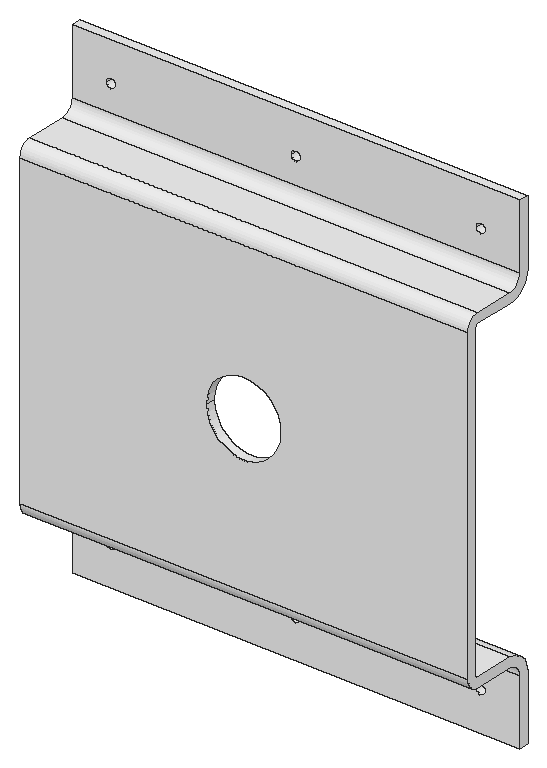
Revit family
Parameters (values of type "R350")
  Width = 9"
  Waste Connection = no
  Warranty Information = "Limited Lifetime"
  Vent Connection = no
  URL = "http://www.americanstandard-us.com/"
  Price = "Prices may vary. Please consult Manufacturer Representative for most up-to-date price list."  # constant formula
  Phone Number = "416-250-5656"  # constant formula
  Omniclass Table 23 Title = "Sanitary Faucets, Wasters"  # constant formula
  Omniclass Table 23 Code = "23.45.55.00"  # constant formula
  Model = "R350"
  Material = Aluminum-American Standard-Rough
  Masterformat Title = "Aluminum Frames"  # constant formula
  Masterformat Number = "08 12 16"  # constant formula
  Manufacturer = "American Standard"
  Length = 9 7/8"
  Installation Type = "In-Wall"
  HW Connection = no
  Description = "Serin wall mount faucet mounting kit"
  Depth = 1 1/2"
  Default Elevation = 0"
  Creation Date = "8/20/2014"  # constant formula
  Created By = "Allied Technical Services"  # constant formula
  CW Connection = no
  Assembly Code = "D2020300"
  ATS URL = "http://www.atsspec.net"
Reference planes (in)
  plane 1 "Center (Front/Back)": y = 0
  plane 2: z = 0
  plane 3 "Center (Left/Right)": x = 0
  plane 4: z = 9.875
  plane 5: x = -4.5
  plane 6: x = 4.5
  plane 7: y = 1.5
  plane 8: z = 4.9375
  plane 9: y = 0.75
  plane 10: z = 9.09375
  plane 11: z = 0.78125
  plane 12: x = -3.71875
  plane 13: x = 3.71875
Forms (in)
  Extrusion 1, solid, material "Aluminum-American Standard-Rough" <- "Material"
    sketch origin (0, 0, 0) x (0, 1, 0) y (0, 0, 1)
      loop
        line (1.5, 9.875) -> (1.3125, 9.875) -> (1.3125, 8.5625)
        arc (1.3125, 8.5625) -> (1.23928, 8.38572) -> (1.0625, 8.3125) r 0.25
        line (1.0625, 8.3125) -> (0.25, 8.3125)
        arc (0.25, 8.3125) -> (0.07322, 8.23928) -> (0, 8.0625) r 0.25
        line (0, 8.0625) -> (0, 1.8125)
        arc (0, 1.8125) -> (0.07322, 1.63572) -> (0.25, 1.5625) r 0.25
        line (0.25, 1.5625) -> (1.0625, 1.5625)
        arc (1.0625, 1.5625) -> (1.23928, 1.48928) -> (1.3125, 1.3125) r 0.25
        line (1.3125, 1.3125) -> (1.3125, 0) -> (1.5, 0) -> (1.5, 1.3125)
        arc (1.5, 1.3125) -> (1.37186, 1.62186) -> (1.0625, 1.75) r 0.4375
        line (1.0625, 1.75) -> (0.25, 1.75)
        arc (0.25, 1.75) -> (0.20581, 1.76831) -> (0.1875, 1.8125) r 0.0625
        line (0.1875, 1.8125) -> (0.1875, 8.0625)
        arc (0.1875, 8.0625) -> (0.20581, 8.10669) -> (0.25, 8.125) r 0.0625
        line (0.25, 8.125) -> (1.0625, 8.125)
        arc (1.0625, 8.125) -> (1.37186, 8.25314) -> (1.5, 8.5625) r 0.4375
        line (1.5, 8.5625) -> (1.5, 9.875)
    from -4.5 to 4.5
  Extrusion 2, void
    sketch origin (0, 0, 0) x (1, 0, 0) y (0, 0, 1)
      loop
        circle (-3.71875, 9.09375) r 0.09375
      loop
        circle (0, 9.09375) r 0.09375
      loop
        circle (3.71875, 9.09375) r 0.09375
      loop
        circle (-3.71875, 0.78125) r 0.09375
      loop
        circle (0, 0.78125) r 0.09375
      loop
        circle (3.71875, 0.78125) r 0.09375
      loop
        circle (0, 4.9375) r 0.75
    from -1.5 to 0
Cuts and joins
  Extrusion 2 cuts Extrusion 1
Dimensions and locks (in)
  "Width": plane 6 to plane 5
  "Length": plane 4 to level
  "Depth": plane 7 to plane 1 "Center (Front/Back)"
Automatic sketch dimensions
  Extrusion 1 sketch curve to Extrusion 1 sketch curve = 0"  (x8)
  Extrusion 1 sketch curve to plane 1 "Center (Front/Back)" = 0"
  Extrusion 1 sketch curve to level = 0"
  Extrusion 1 sketch curve to plane 4 = 0"
  Extrusion 1 sketch curve to plane 7 = 0"  (x2)
  Extrusion 1 sketch curve to Extrusion 1 sketch curve = 3/16"
  Extrusion 1 sketch curve to plane 1 "Center (Front/Back)" = 1/4"  (x2)
  Extrusion 1 sketch curve to plane 9 = 5/16"
  Extrusion 1 sketch curve to Extrusion 1 sketch curve = 1/4"
  Extrusion 1 sketch curve to plane 11 = 17/32"
  Extrusion 1 sketch curve to plane 10 = 1 1/32"
  Extrusion 2 sketch curve to plane 11 = 0"  (x3)
  Extrusion 2 sketch curve to plane 12 = 0"  (x2)
  Extrusion 2 sketch curve to plane 10 = 0"  (x3)
  Extrusion 2 sketch curve to plane 3 "Center (Left/Right)" = 0"  (x3)
  plane 13 to Extrusion 2 sketch curve = 0"  (x2)
  Extrusion 2 sketch curve to plane 8 = 0"
  radius of Extrusion 2 sketch curve = 3/32"  (x6)
  radius of Extrusion 2 sketch curve = 3/4"
